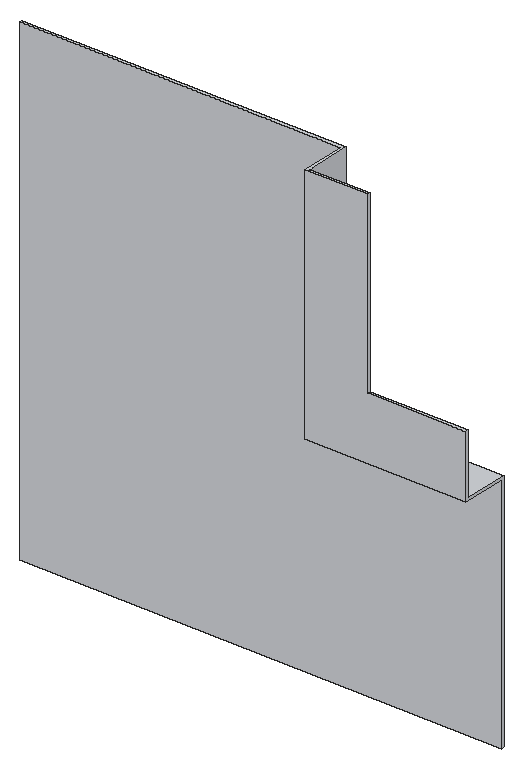
Revit family "Flashing_Preformed_Hyload_WindowCorner", category Generic Models, Revit 2015
Parameters (values of type "As Specified")
  Unit Width = 0' - 7 1/8"
  Unit Height = 0' - 6"
  Unit Depth = 0' - 6"
  URL = "http://www.hyload.com/"
  Thickness = 0' - 0 1/16"
  Specification = "http://www.arcat.com/sdspecs/htm04/07_65_00hyl.htm"
  Sales Information = "http://www.hyload.com/contact-us"
  Revision = "R1_12-2015"
  Product Properties = "http://www.hyload.com/masonry-flashing/preformed-shapes/"
  Product Data = "http://www.arcat.com/arcatcos/cos33/arc33176.html"
  Model = "Window Corner"
  Manufacturer Website = "http://www.hyload.com/"
  Manufacturer Phone - Toll Free = "800-457-4056"
  Manufacturer Phone = "330-769-3546"
  Manufacturer Fax = "330-769-4153"
  Manufacturer Address = "5020 Panther Pkwy., Seville, OH 44273"
  Manufacturer = "Hyload"
  Keynote = "07 65 00"
  Flashing Material = Hyload Flashing Membrane - Grey
  Drawn By = "Robert S. Weygant / Sumex Design"
  Description = "Preformed Hyload Masonry Flashing - Window Corner"
  Copyright = "(c) ARCAT, Inc, 2015"
  Construction Details = "http://www.arcat.com/details/hyload/hyload.html?coid=33176"
  Assembly Code = "B3010400"
Reference planes (in)
  plane 1 "Center (Front/Back)": y = 0
  plane 2: z = 0
  plane 3 "Center (Left/Right)": x = 0
  plane 4: x = 4
  plane 5: z = 6
  plane 6: y = -1.125
  plane 7: z = 12
  plane 8: x = -8
Forms (in)
  Sweep 1, solid
    path origin (0, 0, 0) x (1, 0, 0) y (0, 0, 1)
      loop
        line (4, 6) -> (0, 6) -> (0, 12)
    profile origin (2, 0, 6) x (0, 0, -1) y (0, -1, 0)
      loop
        line (0, 0) -> (0, 1.125) -> (-1.5625, 1.125) -> (-1.5625, 1.0625) -> (-0.0625, 1.0625) -> (-0.0625, -0.0625) -> (6, -0.0625) -> (6, 0) -> (0, 0)
  Extrusion 2, solid
    sketch origin (0, 0, 0) x (1, 0, 0) y (0, 0, 1)
      loop
        line (-8, 12) -> (-8, 0) -> (-6, 0) -> (-6, 12) -> (-8, 12)
    from -0.0625 to 0
Cuts and joins
  joined: Sweep 1, Extrusion 2
Dimensions and locks (in)
  "Unit Height": plane 5 to level
  plane 1 "Center (Front/Back)" to plane 6 = 0' - 1 1/8"
  plane 7 to level = 1' - 0"
  plane 4 to plane 3 "Center (Left/Right)" = 0' - 4"
  plane 4 to plane 8 = 1' - 0"
  aligned and locked: plane 2 to level
  aligned and locked: plane 3 "Center (Left/Right)" to Sweep 1 sketch curve
  aligned and locked: plane 5 to Sweep 1 sketch curve  (x2)
  aligned and locked: Sweep 1 sketch curve to plane 6
  aligned and locked: Sweep 1 sketch curve to level
  aligned and locked: plane 7 to Sweep 1 sketch curve
  aligned and locked: Extrusion 2 sketch curve to plane 7
  aligned and locked: plane 8 to Extrusion 2 sketch curve
  aligned and locked: Sweep 1 to Extrusion 2 sketch curve
  aligned and locked: Extrusion 2 sketch curve to Sweep 1
  aligned and locked: Sweep 1 to Extrusion 2
  aligned and locked: plane 1 "Center (Front/Back)" to Extrusion 2
Automatic sketch dimensions
  profile plane to Sweep 1 sketch curve = 0' - 1 9/16"
  profile plane to Sweep 1 sketch curve = 0' - 0 1/16"
  Sweep 1 sketch curve to Sweep 1 sketch curve = 0' - 0 1/16"  (x2)
  Sweep 1 sketch curve to plane 1 "Center (Front/Back)" = 0' - 0"
  Sweep 1 sketch curve to plane 4 = 0' - 0"
